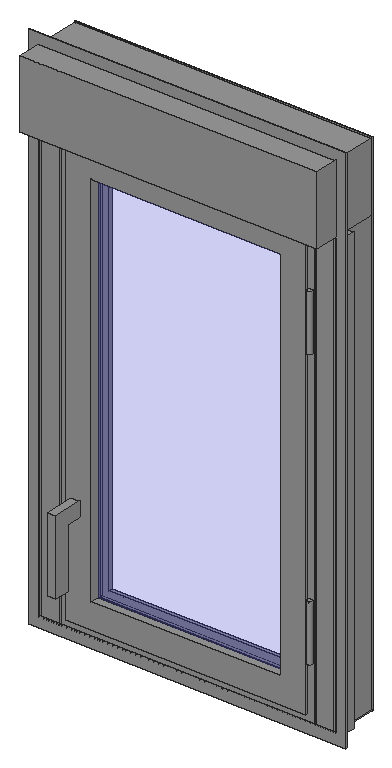
Revit family "2015_Ventana_Alugom_ALG 65 Optima_1-Hoja_Practicable con Monoblock", category Windows, host Wall, Revit 2015
Parameters (values of type "800 mm x 1200 mm")
  𝑙𝑔 = 2 * ((Width / 1 mm - (AnchoMarco / 1 mm * 2)) + (Height / 1 mm - (AnchoMarco / 1 mm * 2)))  # 2852
  𝑈𝑤 = ((𝐴𝑔 * 𝑈𝑔) + (𝐴𝑓 * 𝑈𝑓) + ((𝑙𝑔 * Y𝑔) * 1000)) / (𝐴𝑔 + 𝐴𝑓)  # 3.1122
  𝑈𝑔 = 1.9
  𝑈𝑓 = 3.629
  𝐴𝑔 = (Height / 1 mm - (AnchoMarco / 1 mm * 2)) * (Width / 1 mm - (AnchoMarco / 1 mm * 2))  # 468369
  𝐴𝑓 = (((Height / 1 mm + Width / 1 mm) * AnchoMarco / 1 mm) * 2) - (AnchoMarco / 1 mm * AnchoMarco / 1 mm * 4)  # 491631
  Y𝑔 = 0.11
  VidaUtilEsperada = ""
  VersionElementoBIM = "1.0"  # constant formula
  UnidadMedicion = ""
  UnidadMantenimiento = ""
  Unidad = ""
  Uniclass2.0Titulo = "\"Door and window systems\""
  Uniclass2.0Codigo = "\"25-30\""
  URLProducto = "http://www.alugom.com/Catalogo/tabid/336/ProdID/47/Language/es-ES/CatID/2/ventana_practicable_de_camara_europea_de_65_mm_con_RPT.aspx"
  URL Poliamida - Catálogo = "http://www.technoform.com/fileadmin/Technoform_Bautec/standardprofiles.html"
  URL Poliamida = "http://www.technoform.es/"
  URL = "http://www.alugom.com/es-es/inicio.aspx"
  UNSPSCTitulo = "Windows"  # constant formula
  UNSPSCCodigo = "30171600"  # constant formula
  Type Comments = "Sistema de Ventana de 1 Hoja Rotura de Puente Térmico ALG65 Óptima Practicable con Monoblock."
  TransmitanciaTermica = 0.0000 W/(m²·K)
  TrabajoMantenimiento = ""
  TipoEmbalajeProteccion = ""
  TiempoMedioEntreFallos = ""
  TelefonoContacto = "34 91 616 47 27"  # constant formula
  SalidaEmergencia = yes
  ResistenciaFuego = ""
  ResistenciaAlViento = ""
  ResiduosPeligrososPorUnidad = 0
  ResiduosPeligrosos = 0
  ResiduosNoPeligrososPorUnidad = 0
  ResiduosNoPeligrosos = 0
  ResiduoRadioactivoPorUnidad = 0
  ResiduoRadioactivo = 0
  ResiduoInertePorUnidad = 0
  ResiduoInerte = 0
  RepisaInterior = no
  RepisaExterior = no
  ReferenciaUnidadFuncional = ""
  ReferenciaLote = ""
  ReferenciaContacto = "Alugom"  # constant formula
  Referencia = ""
  PuntoDeContacto = ""
  Proyección Apertura = yes
  Practicable = yes
  Poliamida = Poliamida, Technoform Bautec, PA66 GF 25
  PermeabilidadAlAire = ""
  PeriodoGarantia = ""
  Perimetro = (Width / 1 mm * 2) + (Height / 1 mm * 2)  # 4000
  Operation = "Practicable"
  OmniclassTitulo = "Casment Window"  # constant formula
  OmniclassCodigo = "23.30.20.17.21.21"  # constant formula
  NumeroSerie = ""
  NumeroArticuloGlobalComercial = ""
  NumeroArticulo = ""
  NormativaMantenimiento = ""
  NivelSeguridad = ""
  Motorizada = no
  Model = "ALG65 Óptima Practicable con Monoblock"
  MaterialEnvase = ""
  MaterialContenedor = ""
  MateriaPrima = 0
  MasterformatTitulo = "Aluminium Windows"  # constant formula
  MasterformatCodigo = "08 51 13"  # constant formula
  MasaSuperficialKgm2 = 0
  Marco = Aluminio
  Manufacturer = "Grupo Alugom"  # constant formula
  Manija = yes
  LugarEnsamblaje = ""
  InstruccionesEspeciales = ""
  InformacionTecnica = "http://www.alugom.com/Catalogo/tabid/336/ProdID/47/Language/es-ES/CatID/2/ventana_practicable_de_camara_europea_de_65_mm_con_RPT.aspx"
  IndiceGlobalRedAcusticaTr = ""
  IndiceGlobalRedAcustica = ""
  IdentificadorGarantia = ""
  IFCClasificacion = ""
  GrosorMarco = 72 mm
  GrosorAcristalamiento = 39 mm
  GarantiaExtendida = ""
  FrecuenciaMantenimiento = ""
  FraccionAreaAcristalamiento = 0.00%
  FormacionFotoquimicaOzonoPorUnidad = 0
  FormacionFotoquimicaOzono = 0
  FechaVencimientoElementoBIM = "02/09/2017"  # constant formula
  FechaInstalacion = ""
  FechaInicioGarantia = ""
  FechaFinGarantia = ""
  FechaEvaluacion = ""
  FechaEmisionElementoBIM = "02/09/2016"  # constant formula
  FechaCompra = ""
  FaseCicloVida = ""
  FaltaDeRecursosPorUnidad = 0
  FaltaDeRecursos = 0
  FactorSombra = 0
  FactorSolarModificado = 3000000
  Exclusiones = ""
  EutrofizacionPorUnidad = 0
  Eutrofizacion = 0
  EtiquetaModelo = ""
  EstanqueidadAgua = ""
  Estado = ""
  EnergiaRenovableConsumidaPorUnidad = 0
  EnergiaRenovableConsumida = 0
  EnergiaPrimariaTotalConsumidaPorUnidad = 0
  EnergiaPrimariaTotalConsumida = 0
  EnergiaNoRenovableConsumidaPorUnidad = 0
  EnergiaNoRenovableConsumida = 0
  EmisionCO2 = 0
  EmailContacto = "alugom@alugom.com"  # constant formula
  DuracionVidaUtil = ""
  Detalle Perfileria = yes
  DestruccionCapaOzonoEstratosfericaPorUnidad = 0
  DestruccionCapaOzonoEstratosferica = 0
  DesfaseInterior = 0 mm
  DesfaseExterior = 0 mm
  Description = "Ventana Practicable con Monoblock"
  DescripcionEvaluacion = ""
  CosteMantenimiento = 0
  CosteEnergeticoMj = 0 J
  CosteEnergeticoKwh = 0
  ControlHumos = yes
  ContenidoGarantia = ""
  ConfiguracionPoliamidas = "350300 - 464700 - 464600 - 479900"  # constant formula
  CondicionesMantenimiento = ""
  CondicionesGeneralesDeContratacion = ""
  CondicionesEvaluacion = ""
  CodigoBedec = ""
  CodigoBarras = ""
  CertificadoMantenimiento = ""
  CerramientoExterior = yes
  CambioClimaticoPorUnidad = 0
  CambioClimatico = 0
  COBieCategoria = ""
  Aperturas [instance] = yes
  Anchura Real = if(Width > Anchura Máxima, Anchura Máxima, Width)  # 800 mm
  Anchura Máxima = 1700 mm
  AnchoMarco = 143.5 mm
  Altura Real = if(Height > Altura Máxima, Altura Máxima, Height)  # 1200 mm
  Altura Máxima = 2500 mm
  Height = 1200 mm
  Bimetica = "http://www.bimetica.com"
  AñoProduccion = ""
  Autor = "Bimetica Parametric Design Services, S.L."  # constant formula
  Area = Altura Real * Anchura Real  # 960000.00 mm²
  Altura de antepecho por defecto = 800 mm
  Wall Closure = By host
  Width = 800 mm
  AguaConsumidaPorUnidad = 0
  AguaConsumida = 0
  Acristalamiento = Vidrio
  AcidificacionAtmosfericaPorUnidad = 0
  AcidificacionAtmosferica = 0
  Acabado = ""
Reference planes
  plane 1 "Centro (Frontal/Posterior)": y = -28
  plane 2 "Centro (Izquierda/Derecha)": x = 0
  plane 3 "Izquierda": x = -400
  plane 4 "Derecha": x = 400
  plane 5 "Antepecho": z = 800
  plane 6 "Extremo inicial": z = 2000
  plane 7 "Interior": y = -100
  plane 8 "ASDAS": y = -100
  plane 9 "Altura Manija": z = 1100
Forms (mm)
  Sweep 1, solid, material "Aluminio" <- "Marco"
    path origin (0, -100, 0) x (1, 0, 0) y (0, 0, 1)
      loop
        line (-400, 745.6) -> (400, 745.6) -> (400, 2054.4) -> (-400, 2054.4) -> (-400, 745.6)
    profile origin (-400, -100, 1400) x (-1, 0, 0) y (0, -1, 0)
      loop
        line (-54.425, -1.395) -> (-81.433, -1.395) -> (-81.433, -62.456) -> (-103.485, -62.456) -> (-103.485, -66.4) -> (-54.425, -66.4) -> (-54.425, -1.395)
  Sweep 2, solid, material "Aluminio" <- "Marco"
    path origin (0, -100, 0) x (1, 0, 0) y (0, 0, 1)
      loop
        line (-400, 745.6) -> (400, 745.6) -> (400, 2054.4) -> (-400, 2054.4) -> (-400, 745.6)
    profile origin (-400, -100, 1400) x (-1, 0, 0) y (0, -1, 0)
      loop
        line (-75.485, 5.567) -> (-143.526, 5.567) -> (-143.526, -16.47) -> (-133.526, -16.47) -> (-133.526, -8.89) -> (-128.006, -8.89) -> (-121.5, -12.205) -> (-121.5, -15.208) -> (-119.545, -15.208) -> (-119.545, -55.47) -> (-143.562, -55.47) -> (-143.562, -66.44) -> (-109.513, -66.44) -> (-109.513, -61.44) -> (-100.134, -61.44) -> (-100.134, -22.897) -> (-93.008, -22.897) -> (-93.008, 2.103) -> (-75.485, 2.103) -> (-75.485, 5.567)
  Extrusion 3, solid, material "Vidrio" <- "Acristalamiento"
    sketch origin (0, -0.312, 800) x (0, -1, 0) y (1, 0, 0)
      loop
        line (44.2, -272.51) -> (83.2, -272.51) -> (83.2, 272.51) -> (44.2, 272.51) -> (44.2, -272.51)
    from 72 to 1128
  Extrusion 4, solid, material "Aluminio" <- "Marco", detail levels fine
    sketch origin (0, -3.125, 800) x (0, -1, 0) y (1, 0, 0)
      loop
        line (97.375, 338.674) -> (95.5, 335.285) -> (95.5, 328.285) -> (103.5, 328.285)
        arc (103.5, 328.285) -> (109.53, 338.84) -> (97.375, 338.674) r 7
    from 150 to 300
  Extrusion 5, solid, material "Aluminio" <- "Marco", detail levels fine
    sketch origin (0, 0, 800) x (0, -1, 0) y (1, 0, 0)
      loop
        arc (106.625, 328.285) -> (112.655, 338.84) -> (100.5, 338.674) r 7
        line (100.5, 338.674) -> (98.625, 335.285) -> (98.625, 328.285) -> (106.625, 328.285)
    from 900 to 1050
  Extrusion 6, solid, material "Aluminio" <- "Marco", visible <- "Manija", detail levels fine
    sketch origin (400, 0, 0) x (0, -1, 0) y (0, 0, 1)
      loop
        line (184.9, 920) -> (184.9, 1121.882) -> (100, 1121.882) -> (100, 1081.882) -> (144.9, 1081.882) -> (144.9, 920) -> (184.9, 920)
    from 687.248 to 708.613
  Extrusion 7, solid, material "Aluminio" <- "Marco"
    sketch origin (0, 0, 800) x (0, -1, 0) y (1, 0, 0)
      loop
        line (-20.032, -400) -> (61.184, -400) -> (61.184, -417.044) -> (88, -417.044) -> (88, -400) -> (100, -400) -> (100, -344.016) -> (98.66, -344.016) -> (98.66, -345.575) -> (-2.126, -345.575) -> (-2.126, -371.215) -> (-16.174, -371.215) -> (-16.174, -345.521) -> (-20.032, -345.521) -> (-20.032, -400)
      loop
        line (-20.032, 400) -> (-20.032, 345.521) -> (-16.174, 345.521) -> (-16.174, 371.215) -> (-2.126, 371.215) -> (-2.126, 345.575) -> (98.66, 345.575) -> (98.66, 344.016) -> (100, 344.016) -> (100, 400) -> (88, 400) -> (88, 417.044) -> (61.184, 417.044) -> (61.184, 400) -> (-20.032, 400)
    from 0 to 1200
  Extrusion 8, solid, material "Aluminio" <- "Marco"
    sketch origin (-400, 0, 0) x (0, -1, 0) y (0, 0, 1)
      loop
        line (-21.428, 2000) -> (164.532, 2000) -> (164.532, 2185) -> (-21.428, 2185) -> (-21.428, 2000)
    from 0 to -800
  Sweep 9, solid, material "Aluminio" <- "Marco", detail levels medium+fine
    path origin (0, -100, 0) x (1, 0, 0) y (0, 0, 1)
      loop
        line (-417.044, 783) -> (417.044, 783) -> (417.044, 2205.3) -> (-417.044, 2205.3) -> (-417.044, 783)
    profile origin (-417.044, -100, 1494.15) x (-1, 0, 0) y (0, -1, 0)
      loop
        line (-17.044, -120.032) -> (-18.394, -120.032) -> (-18.394, -122.1) -> (-29.044, -122.1) -> (-29.044, -123.45) -> (-17.044, -123.45) -> (-17.044, -120.032)
  Sweep 10, solid, material "Aluminio" <- "Marco", detail levels medium+fine
    path origin (0, -100, 0) x (1, 0, 0) y (0, 0, 1)
      loop
        line (-400, 800) -> (400, 800) -> (400, 2185) -> (-400, 2185) -> (-400, 800)
    profile origin (-400, -100, 1492.5) x (-1, 0, 0) y (0, -1, 0)
      loop
        line (27.015, -3) -> (27.015, 1.262) -> (-2.958, 1.262) -> (-2.958, 0.048) -> (1.515, 0.048) -> (1.515, -3) -> (27.015, -3)
  Extrusion 11, solid, material "Aluminio" <- "Marco"
    sketch origin (400, 0, 0) x (0, -1, 0) y (0, 0, 1)
      loop
        line (101.16, 800) -> (101.16, 801.394) -> (-22.14, 801.394) -> (-22.14, 800) -> (101.16, 800)
    from 0 to 800
Lines and regions (mm)
  Opening 1
    outline origin (3500, -100, 0) x (1, 0, 0) y (0, 0, 1)
      loop
        line (-3100, 800) -> (-3100, 2000) -> (-3900, 2000) -> (-3900, 800) -> (-3100, 800)
  symbolic lines, style "WindowsGlassProjection", detail levels fine
    curve 1: line (-272.51, -49.53, 0) -> (272.51, -49.53, 0)
    curve 2: line (-272.51, -78.512, 0) -> (272.51, -78.512, 0)
    curve 3: line (272.51, -61.512, 0) -> (-272.51, -61.512, 0)
    curve 4: line (272.51, -66.512, 0) -> (-272.51, -66.512, 0)
    curve 6: line (-400, 447.987, 872) -> (-400, 447.987, 1928)
    curve 7: line (-400, 418.988, 872) -> (-400, 418.988, 1928)
    curve 8: line (-400, 430.988, 1928) -> (-400, 430.988, 872)
    curve 9: line (-400, 435.988, 1928) -> (-400, 435.988, 872)
  reference lines
    curve 5: line (0, -100, 800) -> (0, -28, 800)
  symbolic lines, style "Batiente de alzado", visible <- "Aperturas"
    curve 10: line (345.606, 521.549, 2000) -> (-345.521, 521.549, 1400)
    curve 11: line (345.606, 521.549, 800) -> (-345.521, 521.549, 1400)
Text (mm)
  text "EXTERIOR" at (-1963.203, 1332.353, 0), in view "Nivel de referencia"
  text "INTERIOR" at (-1981.466, -818.386, 0), in view "Nivel de referencia"
  text "Exterior" at (0, 923.751, 2943.296), in view "Derecha"
  text "Exterior" at (0, 1040.484, 2685.409), in view "Izquierda"
Dimensions and locks
  equal spacing: plane 3 "Izquierda", plane 2 "Centro (Izquierda/Derecha)", plane 4 "Derecha"
  "Anchura Real": plane 3 "Izquierda" to plane 4 "Derecha"
  "Height": plane 5 "Antepecho" to plane 6 "Extremo inicial"
  "Altura de antepecho por defecto": plane 5 "Antepecho" to level
  "DesfaseInterior": plane 8 "ASDAS" to plane 7 "Interior"
  "DesfaseExterior": host wall to plane 7 "Interior"
  plane 9 "Altura Manija" to level = 1100 mm
  "GrosorMarco": plane 8 "ASDAS" to plane 1 "Centro (Frontal/Posterior)"
  "GrosorAcristalamiento": Extrusion 3 sketch curve to Extrusion 3 sketch curve
  locked: Extrusion 3 sketch curve to plane 4 "Derecha" at 127.49
  locked: plane 3 "Izquierda" to Extrusion 3 sketch curve at 127.49
  locked: plane 5 "Antepecho" to Extrusion 3 at 72
  locked: Extrusion 3 to plane 6 "Extremo inicial" at 72
  nested 3 to plane 1 "Centro (Frontal/Posterior)" = 77.572 mm
  Extrusion 4 sketch curve to Extrusion 4 sketch curve to Extrusion 4 sketch curve to plane 4 "Derecha" = 0 mm locked, 7 mm locked, 64.715 mm locked
  Extrusion 4 sketch curve to Extrusion 4 sketch curve to plane 4 "Derecha" = 3.389 mm locked, 61.326 mm locked
  Extrusion 4 to Extrusion 4 to plane 5 "Antepecho" = 150 mm locked, 150 mm locked
  Extrusion 5 sketch curve to Extrusion 5 sketch curve to Extrusion 5 sketch curve to Extrusion 5 sketch curve to plane 4 "Derecha" = 7 mm locked, 0 mm locked, 3.389 mm locked, 61.326 mm locked
  plane 6 "Extremo inicial" to Extrusion 5 to Extrusion 5 = 150 mm locked, 150 mm locked
  plane 5 "Antepecho" to Extrusion 6 sketch curve to Extrusion 6 sketch curve to Extrusion 6 sketch curve = 120 mm locked, 161.882 mm locked, 40 mm locked
  Extrusion 6 sketch curve to Extrusion 6 sketch curve to Extrusion 6 sketch curve to plane 1 "Centro (Frontal/Posterior)" = 40 mm locked, 44.9 mm locked, 72 mm locked
  plane 3 "Izquierda" to Extrusion 6 to Extrusion 6 = 91.387 mm locked, 21.366 mm locked
  curve 6 to curve 9 to curve 8 to curve 7 to Extrusion 3 = 12 mm locked, 5 mm locked, 12 mm locked, 463.5 mm
  equal spacing: plane 6 "Extremo inicial", curve 11, plane 5 "Antepecho"
  plane 3 "Izquierda" to plane 4 "Derecha" = 800 mm
  locked: profile plane to nested 1 at 1.4
  locked: profile plane to Sweep 1 sketch curve at 62.456
  locked: profile plane to nested 1 at 66.4
  plane 3 "Izquierda" to Sweep 1 sketch curve to Sweep 1 sketch curve to Sweep 1 sketch curve = 54.425 mm locked, 27.008 mm locked, 22.051 mm locked
  profile plane to Sweep 2 sketch curve to Sweep 2 sketch curve to Sweep 2 sketch curve to Sweep 2 sketch curve to Sweep 2 sketch curve to Sweep 2 sketch curve to Sweep 2 sketch curve to Sweep 2 sketch curve to Sweep 2 sketch curve = 75.485 mm locked, 17.523 mm locked, 7.126 mm locked, 9.379 mm locked, 10.032 mm locked, 1.954 mm locked, 6.506 mm locked, 15.521 mm locked, 0.036 mm locked
  Sweep 2 sketch curve to Sweep 2 sketch curve to profile plane = 3.464 mm locked, 2.103 mm locked
  profile plane to Sweep 2 sketch curve to Sweep 2 sketch curve = 8.89 mm locked, 6.318 mm locked
  profile plane to Sweep 2 sketch curve to Sweep 2 sketch curve = 22.897 mm locked, 38.543 mm locked
  locked: Sweep 1 sketch curve to plane 5 "Antepecho" at 54.4
  locked: Sweep 2 sketch curve to plane 5 "Antepecho" at 54.4
  locked: plane 6 "Extremo inicial" to Sweep 1 sketch curve at 54.4
  locked: plane 6 "Extremo inicial" to Sweep 2 sketch curve at 54.4
  locked: curve 11 to plane 4 "Derecha" at 54.394
  locked: curve 10 to plane 4 "Derecha" at 54.394
  plane 1 "Centro (Frontal/Posterior)" to Extrusion 7 sketch curve to Extrusion 7 sketch curve to Extrusion 7 sketch curve = 30.126 mm locked, 14.048 mm locked, 3.858 mm locked  (x2)
  Extrusion 7 sketch curve to Extrusion 7 sketch curve to Extrusion 7 sketch curve to plane 1 "Centro (Frontal/Posterior)" = 10.66 mm locked, 26.816 mm locked, 33.184 mm locked  (x2)
  Extrusion 7 sketch curve to plane 3 "Izquierda" to Extrusion 7 sketch curve to Extrusion 7 sketch curve to Extrusion 7 sketch curve to Extrusion 7 sketch curve = 17.044 mm locked, 28.785 mm locked, 25.64 mm locked, 0.055 mm locked, 1.505 mm locked
  locked: Extrusion 7 sketch curve to plane 4 "Derecha" at 55.984
  locked: Sweep 1 to plane 4 "Derecha" at 54.425
  locked: Extrusion 7 sketch curve to plane 4 "Derecha" at 28.785
  locked: Extrusion 7 sketch curve to plane 4 "Derecha" at 54.479
  locked: plane 4 "Derecha" to Extrusion 7 sketch curve at 17.044
  locked: plane 1 "Centro (Frontal/Posterior)" to nested 3 at 77.572
  locked: plane 8 "ASDAS" to Extrusion 4 sketch curve at 1.375
  locked: Extrusion 4 sketch curve to plane 8 "ASDAS" at 6.625
  Extrusion 5 sketch curve to Extrusion 5 sketch curve to plane 8 "ASDAS" to Extrusion 4 = 6.125 mm locked, 0.5 mm locked, 1.375 mm locked
  locked: plane 6 "Extremo inicial" to nested 3 at 188.302
  locked: Sweep 9 sketch curve to plane 3 "Izquierda" at 17.044
  plane 4 "Derecha" to Extrusion 7 = 17.044 mm
  locked: plane 4 "Derecha" to Sweep 9 sketch curve at 17.044
  plane 3 "Izquierda" to nested 1 = 12 mm
  locked: plane 3 "Izquierda" to Sweep 9 sketch curve at 12
  locked: plane 3 "Izquierda" to Sweep 9 sketch curve at 1.351
  locked: plane 1 "Centro (Frontal/Posterior)" to Sweep 9 sketch curve at 48.032
  locked: plane 1 "Centro (Frontal/Posterior)" to Sweep 9 sketch curve at 50.1
  locked: plane 1 "Centro (Frontal/Posterior)" to Sweep 9 sketch curve at 51.45
  locked: plane 1 "Centro (Frontal/Posterior)" to Sweep 2 at 77.567
  locked: Sweep 9 sketch curve to plane 6 "Extremo inicial" at 205.3
  locked: plane 5 "Antepecho" to Sweep 9 sketch curve at 17
  Extrusion 8 sketch curve to plane 1 "Centro (Frontal/Posterior)" to Extrusion 8 sketch curve = 49.428 mm locked, 136.532 mm locked
  locked: plane 1 "Centro (Frontal/Posterior)" to nested 3 at 136.397
  locked: Extrusion 8 to plane 6 "Extremo inicial" at 185
  locked: Sweep 10 sketch curve to plane 6 "Extremo inicial" at 185
  Sweep 10 sketch curve to profile plane to Sweep 10 sketch curve = 27.015 mm locked, 2.958 mm locked
  Sweep 10 sketch curve to Sweep 10 sketch curve to plane 8 "ASDAS" to Sweep 10 sketch curve = 1.214 mm locked, 0.048 mm locked, 3 mm locked
  locked: plane 1 "Centro (Frontal/Posterior)" to nested 4 at 77.56
  locked: Extrusion 11 sketch curve to plane 1 "Centro (Frontal/Posterior)" at 73.16
  locked: plane 1 "Centro (Frontal/Posterior)" to Extrusion 11 sketch curve at 50.14
  locked: plane 5 "Antepecho" to Extrusion 11 sketch curve at 1.394
  Sweep 2 sketch curve to Sweep 2 sketch curve to plane 1 "Centro (Frontal/Posterior)" = 10.97 mm locked, 5.56 mm locked
  locked: profile plane to Sweep 2 sketch curve at 133.526
  "GrosorAcristalamiento": Sweep 2 sketch curve to Sweep 2 sketch curve
  locked: Extrusion 3 sketch curve to plane 1 "Centro (Frontal/Posterior)" at 16.513
  curve 2 to curve 4 to curve 3 to curve 1 to plane 1 "Centro (Frontal/Posterior)" = 12 mm locked, 5 mm locked, 11.983 mm locked, 21.53 mm locked
  locked: plane 3 "Izquierda" to curve 11 at 54.479
  aligned and locked: plane 8 "ASDAS" to nested 1
  aligned and locked: nested 1 to plane 3 "Izquierda"
  aligned and locked: nested 2 to plane 4 "Derecha"
  aligned and locked: nested 2 to plane 8 "ASDAS"
  aligned and locked: plane 3 "Izquierda" to Sweep 1 sketch curve
  aligned and locked: Sweep 1 sketch curve to plane 4 "Derecha"
  aligned and locked: Sweep 2 sketch curve to plane 3 "Izquierda"
  aligned and locked: plane 4 "Derecha" to Sweep 2 sketch curve
  aligned and locked: nested 3 to plane 6 "Extremo inicial"
  aligned and locked: curve 5 to plane 2 "Centro (Izquierda/Derecha)"
  aligned and locked: plane 1 "Centro (Frontal/Posterior)" to curve 5
  aligned and locked: plane 8 "ASDAS" to curve 5
  aligned and locked: plane 6 "Extremo inicial" to curve 10
  aligned and locked: plane 5 "Antepecho" to curve 11
  aligned and locked: Extrusion 7 sketch curve to plane 3 "Izquierda"  (x2)
  aligned and locked: Extrusion 7 sketch curve to plane 8 "ASDAS"
  aligned and locked: Extrusion 7 to host wall
  aligned and locked: plane 5 "Antepecho" to Extrusion 7
  aligned and locked: Extrusion 7 sketch curve to plane 4 "Derecha"  (x2)
  aligned and locked: plane 8 "ASDAS" to Extrusion 7 sketch curve
  aligned and locked: Extrusion 7 to plane 6 "Extremo inicial"
  aligned and locked: Extrusion 8 sketch curve to plane 6 "Extremo inicial"
  aligned and locked: plane 3 "Izquierda" to Extrusion 8
  aligned and locked: Extrusion 8 to plane 4 "Derecha"
  aligned and locked: nested 4 to plane 5 "Antepecho"
  aligned and locked: plane 6 "Extremo inicial" to Extrusion 8  (x2)
  aligned and locked: Sweep 10 sketch curve to plane 5 "Antepecho"
  aligned and locked: Sweep 10 sketch curve to plane 3 "Izquierda"
  aligned and locked: plane 4 "Derecha" to Sweep 10 sketch curve
  aligned and locked: Extrusion 3 to curve 1  (x2)
  aligned and locked: Extrusion 3 to curve 4  (x2)
  aligned and locked: Extrusion 3 to curve 2  (x2)
  aligned and locked: plane 5 "Antepecho" to Extrusion 11 sketch curve
  aligned and locked: Extrusion 11 to plane 4 "Derecha"
  aligned and locked: plane 3 "Izquierda" to Extrusion 11
  aligned and locked: Extrusion 3 to curve 3  (x2)
Automatic sketch dimensions
  Sweep 1 sketch curve to Sweep 1 sketch curve = 3.944 mm
  Sweep 1 sketch curve to plane 8 "ASDAS" = 1.395 mm
  plane 3 "Izquierda" to Opening 1 sketch curve = 0 mm
  plane 4 "Derecha" to Opening 1 sketch curve = 0 mm
  Opening 1 sketch curve to plane 5 "Antepecho" = 0 mm
  Opening 1 sketch curve to plane 6 "Extremo inicial" = 0 mm
  Extrusion 7 sketch curve to Extrusion 7 sketch curve = 0.055 mm
  Extrusion 5 sketch curve to plane 8 "ASDAS" = 1.375 mm
  Sweep 9 sketch curve to Sweep 9 sketch curve = 1.351 mm
  Extrusion 8 sketch curve to Extrusion 8 sketch curve = 185 mm
  Sweep 10 sketch curve to profile plane = 1.515 mm
  curve 6 to plane 5 "Antepecho" = 72 mm
  curve 6 to curve 8 = 0 mm
  curve 8 to curve 7 = 0 mm
  curve 9 to curve 8 = 0 mm  (x2)
  plane 6 "Extremo inicial" to curve 7 = 72 mm
  curve 9 to curve 7 = 0 mm
  curve 6 to curve 9 = 0 mm
  Sweep 2 sketch curve to Sweep 2 sketch curve = 3.003 mm
Nested families
  nested 1: "ALG 65 Optima_Detalle-Carpintería-Marco y Hoja Practicable con Monoblock" at (-400, -100, 0), visible <- "Detalle Perfileria", type "Marco y Hoja Practicable", detail levels medium+fine
  nested 2: "ALG 65 Optima_Detalle-Carpintería-Marco y Hoja Practicable con Monoblock" at (400, -100, 0) x (-1, 0, 0) z (0, 0, 1), visible <- "Detalle Perfileria", type "Marco y Hoja Practicable", detail levels medium+fine
  nested 3: "ALG 65 Optima_Detalle-Carpintería-Marco y Hoja Practicable con Monoblock Superior" at (400, -105.572, 2000) x (0, 0, -1) z (-1, 0, 0), visible <- "Detalle Perfileria", type "Marco y Hoja Practicable", detail levels medium+fine
  nested 4: "ALG 65 Optima_Detalle-Carpintería-Marco y Hoja Practicable con Monoblock Inferior" at (400, -105.56, 890.202) x (0, 0, -1) z (-1, 0, 0), visible <- "Detalle Perfileria", type "Marco y Hoja Practicable", detail levels medium+fine
Definition of nested family "ALG 65 Optima_Detalle-Carpintería-Marco y Hoja Practicable con Monoblock"
  Parameters (values of type "Marco y Hoja Practicable con Monoblock")
    URL = "http://www.alugom.com/"
    Model = "ALG 65 Optima"  # constant formula
    Marco y Hoja Practicable = yes
    FechaVencimientoElementoBIM = "01/01/2017"  # constant formula
    FechaEmisionElementoBIM = "02/09/2016"  # constant formula
    Manufacturer = "Grupo Alugom"  # constant formula
    Description = "Detalle carpintería ALG 65 Optima_Marco y Hoja Practicable"
    Bimetica = "http://www.bimetica.com"
    Autor = "Bimetica Parametric Design Services, S.L."  # constant formula
  Reference planes
    plane 1 "Centro (Frontal/Posterior)": y = 0
    plane 2: z = 0
    plane 3 "Centro (Izquierda/Derecha)": x = 0
  Lines and regions (mm)
    Masking region 1, in view "Nivel de referencia", visible <- "Marco y Hoja Practicable"
      outline origin (0, 0, 0) x (1, 0, 0) y (0, 1, 0)
        loop
          line (0, 123.45) -> (0, 38.861) -> (-17.044, 38.861) -> (-17.044, 12) -> (0.15, 12) -> (0.15, 4.2) -> (-1.65, 4.2) -> (-1.65, 3) -> (-27.015, 3) -> (-27.015, -1.172) -> (2.965, -1.172) -> (2.965, 0) -> (55.982, 0) -> (55.982, 1.4) -> (75.527, 1.4) -> (75.527, -5.605) -> (143.486, -5.605) -> (143.486, 8.9) -> (128.25, 8.9) -> (121.486, 12.346) -> (121.486, 15.2) -> (119.465, 15.2) -> (119.465, 55.42) -> (143.467, 55.42) -> (143.467, 66.4) -> (109.451, 66.4) -> (109.451, 61.4) -> (103.457, 61.4) -> (103.457, 66.4) -> (54.425, 66.4) -> (54.425, 102.126) -> (28.785, 102.126) -> (28.785, 116.174) -> (54.425, 116.174) -> (54.425, 120) -> (12, 120) -> (12, 123.45) -> (0, 123.45)
  Dimensions and locks
    aligned and locked: import instance to plane 3 "Centro (Izquierda/Derecha)"
    aligned and locked: import instance to plane 1 "Centro (Frontal/Posterior)"
Definition of nested family "ALG 65 Optima_Detalle-Carpintería-Marco y Hoja Practicable con Monoblock Superior"
  Parameters (values of type "Marco y Hoja Practicable")
    URL = "http://www.alugom.com/"
    Model = "ALG 65 Optima"  # constant formula
    Marco y Hoja Practicable = yes
    FechaVencimientoElementoBIM = "01/01/2017"  # constant formula
    FechaEmisionElementoBIM = "02/09/2016"  # constant formula
    Manufacturer = "Grupo Alugom"  # constant formula
    Description = "Detalle carpintería ALG 65 Optima_Marco y Hoja Practicable"
    Bimetica = "http://www.bimetica.com"
    Autor = "Bimetica Parametric Design Services, S.L."  # constant formula
  Reference planes
    plane 1 "Centro (Frontal/Posterior)": y = 0
    plane 2: z = 0
    plane 3 "Centro (Izquierda/Derecha)": x = 0
  Lines and regions (mm)
    Masking region 1, in view "Nivel de referencia", visible <- "Marco y Hoja Practicable"
      outline origin (0, 0, 0) x (1, 0, 0) y (0, 1, 0)
        loop
          line (0, 71.972) -> (0, 127) -> (-185, 127) -> (-185, 24.581) -> (-205.2, 24.581) -> (-205.2, -1.419) -> (-188.302, -1.419) -> (-188.302, -10.419) -> (-190.2, -10.419) -> (-190.2, -11.419) -> (-215, -11.419) -> (-215, -15.687) -> (-185, -15.687) -> (-185, -58.959) -> (0, -58.959) -> (0, 7) -> (21.061, 7) -> (21.061, 1)
          arc (21.061, 1) -> (21.354, 0.293) -> (22.061, 0) r 1
          line (22.061, 0) -> (88.521, 0)
          arc (88.521, 0) -> (88.875, 0.146) -> (89.021, 0.5) r 0.5
          line (89.021, 0.5) -> (89.021, 14.457) -> (73.671, 14.457) -> (66.994, 17.859) -> (66.994, 20.775) -> (64.979, 20.775) -> (64.979, 60.99) -> (88.982, 60.99) -> (88.982, 71.972) -> (54.998, 71.972) -> (54.998, 66.972) -> (49.001, 66.972) -> (49.001, 71.472)
          arc (49.001, 71.472) -> (48.855, 71.826) -> (48.501, 71.972) r 0.5
          line (48.501, 71.972) -> (0, 71.972)
  Dimensions and locks
    locked: plane 1 "Centro (Frontal/Posterior)" to Masking region 1 sketch curve at 7
    aligned and locked: plane 1 "Centro (Frontal/Posterior)" to import instance
    aligned and locked: plane 3 "Centro (Izquierda/Derecha)" to import instance
Definition of nested family "ALG 65 Optima_Detalle-Carpintería-Marco y Hoja Practicable con Monoblock Inferior"
  Parameters (values of type "Marco y Hoja Practicable")
    URL = "http://www.alugom.com/"
    Model = "ALG 65 Optima"  # constant formula
    Marco y Hoja Practicable = yes
    FechaVencimientoElementoBIM = "01/01/2017"  # constant formula
    FechaEmisionElementoBIM = "02/09/2016"  # constant formula
    Manufacturer = "Grupo Alugom"  # constant formula
    Description = "Detalle carpintería ALG 65 Optima_Marco y Hoja Practicable"
    Bimetica = "http://www.bimetica.com"
    Autor = "Bimetica Parametric Design Services, S.L."  # constant formula
  Reference planes
    plane 1 "Centro (Frontal/Posterior)": y = 0
    plane 2: z = 0
    plane 3 "Centro (Izquierda/Derecha)": x = 0
  Lines and regions (mm)
    Masking region 1, in view "Nivel de referencia", visible <- "Marco y Hoja Practicable"
      outline origin (0, 0, 0) x (1, 0, 0) y (0, 1, 0)
        loop
          line (90.202, 71.972) -> (40.055, 71.972)
          arc (40.055, 71.972) -> (39.701, 71.826) -> (39.555, 71.472) r 0.5
          line (39.555, 71.472) -> (39.555, 66.972) -> (33.558, 66.972) -> (33.558, 71.972) -> (-0.427, 71.972) -> (-0.427, 60.99) -> (23.577, 60.99) -> (23.577, 20.775) -> (21.562, 20.775) -> (21.562, 17.859) -> (14.884, 14.457) -> (-0.465, 14.457) -> (-0.465, 0.5)
          arc (-0.465, 0.5) -> (-0.319, 0.146) -> (0.035, 0) r 0.5
          line (0.035, 0) -> (66.494, 0)
          arc (66.494, 0) -> (67.201, 0.293) -> (67.494, 1) r 1
          line (67.494, 1) -> (67.494, 7) -> (89.002, 7) -> (89.002, 4.364) -> (119.002, 4.364) -> (119.002, 8.6) -> (93.202, 8.6) -> (93.202, 17.6) -> (108.604, 17.6) -> (108.604, 44.34) -> (91.552, 44.34) -> (91.552, 129.05) -> (79.552, 129.05) -> (79.552, 127.7) -> (90.202, 127.7) -> (90.202, 71.972)
  Dimensions and locks
    locked: plane 1 "Centro (Frontal/Posterior)" to Masking region 1 sketch curve at 7
    aligned and locked: import instance to plane 1 "Centro (Frontal/Posterior)"
    aligned and locked: plane 3 "Centro (Izquierda/Derecha)" to import instance
